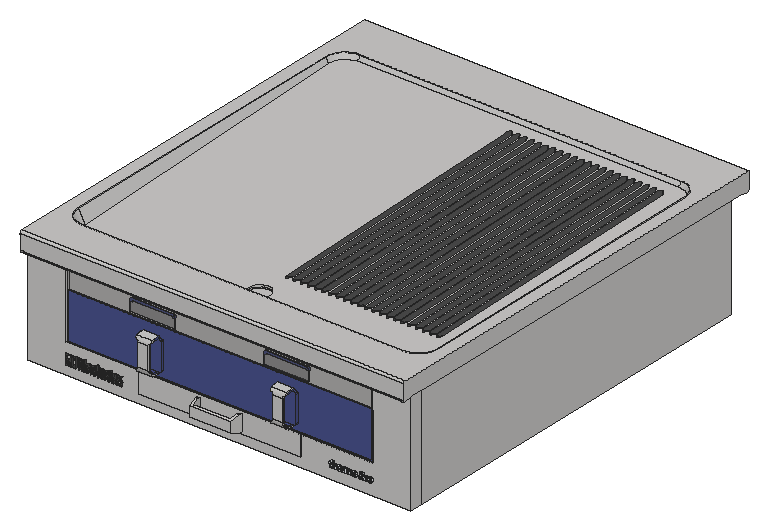
Revit family "QF_ELECTROLUXPROFESSIONAL_589832_MCHOAAHODM", category Attrezzature speciali, Revit 2020
Family settings
  Quota connettore circolare = Usa diametro
  Tipo di parte = Normale
  Basato su piano di lavoro = No
  Sempre verticale = Sì
  Taglio con vuoti quando caricato = No
  Condiviso = No
  Punto di calcolo locali = No
Parameters (values of type "Standard")
  Weight = 120.00 kg
  Watts = 15300 W
  Volts = 440 V
  URL Manufacturer = "https://www.electroluxprofessional.com/"
  URL = "https://www.electroluxprofessional.com/"
  Steam Supply Size = 0"
  Steam Supply Minimum Pressure = 0.00 psi
  Steam Supply Maximum Pressure = 0.00 psi
  Steam Consumption per Hour = 0
  Refrigeration Suction Line Size = 0 mm
  Refrigeration Liquid Line Size = 0 mm
  Refrigerant Compressor Remote = yes
  Prospetto di default = 0 mm
  Phase = 3
  Modello = "MCHOAAHODM"
  Produttore = "Electrolux Professional"
  Length Actual = 800 mm  # constant formula
  Item Number = "589832"
  Hot Water Size = 0"
  Height Actual = 250 mm  # constant formula
  HP = "20.5 HP"
  Gas Size = 0"
  Gas KW = 0
  Gas Input Pressure = 0.0 Btu/h
  Direct Waste Size = 0"
  Descrizione = "FRYTOP,MXD,2Z,1S,800X900X250H MARINE"
  Depth Actual = 900 mm  # constant formula
  Cycle = 50 Hz
  Condensate Return Size = 0"
  Compressed Air Volume = 0 GPM
  Compressed Air Size = 0"
  Compressed Air Pressure = 0.00 psi
  Cold Water Size = 0"
  Accessory = yes
Reference planes
  plane 1 "BACK": y = 0
  plane 2: z = 0
  plane 3 "LEFT": x = 0
  plane 4 "RIGHT": x = 800
  plane 5 "FRONT": y = -900
  plane 6 "TOP": z = 900
  plane 7 "Center (Left/Right)": x = 400
  plane 8 "Center (Front/Back)": y = -425
  plane 9: y = -150
  plane 10: y = -65
  plane 11: y = -840
  plane 12 "EIY": y = -685
  plane 13: z = 938
  plane 14 "BaseTop": z = 650
  plane 15: y = -855
  plane 16 "Camino": y = -50
  plane 17 "EIx": x = 755
  plane 18: z = 1131
  plane 19 "PlaneRibbed": through (-6096, -65, 890) normal (0, -0.0251, 0.9997)
  plane 20 "Base": z = 200
Forms (mm)
  Extrusion 1, solid, material "QF_Finishes_Stainless Steel"
    sketch origin (-178.969, -4572, 100) x (-1, 0, 0) y (0, -1, 0)
      loop
        line (-178.969, -4527) -> (-178.969, -3717) -> (-978.969, -3717) -> (-978.969, -4527) -> (-178.969, -4527)
    from 550 to 762.969
  Extrusion 2, solid, material "QF_Finishes_Stainless Steel"
    sketch origin (400, 296.4, 1219.2) x (0, 1, 0) y (0, 0, 1)
      loop
        line (-296.4, -319.2) -> (-1191.4, -319.2)
        arc (-1191.4, -319.2) -> (-1194.935, -320.664) -> (-1196.4, -324.2) r 5
        line (-1196.4, -324.2) -> (-1196.4, -355.2)
        arc (-1196.4, -355.2) -> (-1194.971, -358.264) -> (-1191.705, -359.139) r 4
        line (-1191.705, -359.139) -> (-1176.4, -356.231) -> (-316.4, -356.231) -> (-301.094, -359.139)
        arc (-301.094, -359.139) -> (-297.829, -358.264) -> (-296.4, -355.2) r 4
        line (-296.4, -355.2) -> (-296.4, -319.2)
    from -400 to 400
  Extrusion 3, void
    sketch origin (0, -30, 900) x (-1, 0, 0) y (0, -1, 0)
      loop
        arc (-65, 65) -> (-36.716, 76.716) -> (-25, 105) r 40
        line (-25, 105) -> (-25, 750)
        arc (-25, 750) -> (-36.716, 778.284) -> (-65, 790) r 40
        line (-65, 790) -> (-735, 790)
        arc (-735, 790) -> (-763.284, 778.284) -> (-775, 750) r 40
        line (-775, 750) -> (-775, 105)
        arc (-775, 105) -> (-763.284, 76.716) -> (-735, 65) r 40
        line (-735, 65) -> (-65, 65)
    from 0 to -30
  Extrusion 4, solid, material "QF_Finishes_Stainless Steel"
    sketch origin (0, 0, 650) x (-1, 0, 0) y (0, -1, 0)
      loop
        circle (-755, 685) r 10.1
    from 0 to -10
  Sweep 5, solid, material "QF_Finishes_Stainless Steel"
    path origin (0, -30, 900) x (-1, 0, 0) y (0, -1, 0)
      loop
        line (-25, 105) -> (-25, 750)
        arc (-25, 750) -> (-36.716, 778.284) -> (-65, 790) r 40
        line (-65, 790) -> (-735, 790)
        arc (-735, 790) -> (-763.284, 778.284) -> (-775, 750) r 40
        line (-775, 750) -> (-775, 105)
        arc (-775, 105) -> (-763.284, 76.716) -> (-735, 65) r 40
        line (-735, 65) -> (-65, 65)
        arc (-65, 65) -> (-36.716, 76.716) -> (-25, 105) r 40
    profile origin (25, -457.5, 900) x (1, 0, 0) y (0, 0, 1)
      loop
        line (0, 0) -> (0, -30) -> (15, -30) -> (0, 0)
  Extrusion 6, void
    sketch origin (305.009, -30, 900) x (-1, 0, 0) y (0, -1, 0)
      loop
        circle (-94.991, 746) r 22.248
    from -32.282 to 0
  Extrusion 7, solid, material "QF_Finishes_Stainless Steel"
    sketch origin (400, 266.4, 1219.2) x (0, 1, 0) y (0, 0, 1)
      loop
        line (-1086.4, -349.2) -> (-361.4, -349.2) -> (-361.4, -329.2) -> (-1086.4, -347.399) -> (-1086.4, -349.2)
    from -375 to 375
  Extrusion 8, void
    sketch origin (290.252, -10, 900) x (-1, 0, 0) y (0, -1, 0)
      loop
        circle (-109.748, 765.667) r 22.248
    from -32.282 to 0
Cuts and joins
  Extrusion 3, Extrusion 6, Extrusion 8 cuts Extrusion 2
  Extrusion 8 cuts Sweep 5
  Extrusion 8 cuts Extrusion 7
  joined: Sweep 5, Extrusion 7
Lines and regions (mm)
  symbolic lines
    curve 1: line (0, 0, 100) -> (800, 0, 100)
    curve 2: line (0, -900, 100) -> (0, 0, 100)
    curve 3: line (800, -900, 100) -> (0, -900, 100)
    curve 4: line (800, 0, 100) -> (800, -900, 100)
    curve 5: line (734.029, -95, 0) -> (65.29, -95, 0)
    curve 6: line (65.29, -820, 0) -> (734.029, -820, 0)
    curve 7: line (65, -110, 900) -> (735, -110, 900)
    curve 8: line (735, -805, 900) -> (65, -805, 900)
    curve 9: arc (760, -780, 900) -> (752.678, -797.678, 900) -> (735, -805, 900) r 25
    curve 10: line (760, -135, 900) -> (760, -780, 900)
    curve 11: arc (735, -110, 900) -> (752.678, -117.322, 900) -> (760, -135, 900) r 25
    curve 12: circle (400, -776, 900) r 22.248 normal (0, 0, 1)
    curve 13: arc (90.5, -115.483, 900) -> (62.314, -127.096, 900) -> (50.5, -155.198, 900) r 39.994
    curve 14: line (90.5, -115.482, 900) -> (710.5, -115.482, 900)
    curve 15: line (50.5, -692.082, 900) -> (50.5, -155.198, 900)
    curve 16: arc (50.5, -692.082, 900) -> (62.314, -720.184, 900) -> (90.5, -731.797, 900) r 39.994
    curve 17: line (710.5, -731.798, 900) -> (90.5, -731.798, 900)
    curve 18: line (40.29, -738.526, 900) -> (760, -738.526, 900)
    curve 19: line (40.29, -748.526, 900) -> (760, -748.526, 900)
    curve 20: arc (65, -95, 900) -> (36.716, -106.716, 900) -> (25, -135, 900) r 40
    curve 21: line (25, -135, 900) -> (25, -780, 900)
    curve 22: arc (25, -780, 900) -> (36.716, -808.284, 900) -> (65, -820, 900) r 40
    curve 23: arc (735, -820, 900) -> (763.284, -808.284, 900) -> (775, -780, 900) r 40
    curve 24: line (775, -780, 900) -> (775, -135, 900)
    curve 25: arc (775, -135, 900) -> (763.284, -106.716, 900) -> (735, -95, 900) r 40
    curve 26: arc (709.5, -115.483, 900) -> (737.686, -127.096, 900) -> (749.5, -155.198, 900) r 39.994
    curve 27: line (749.5, -692.082, 900) -> (749.5, -155.198, 900)
    curve 28: arc (749.5, -692.082, 900) -> (737.686, -720.184, 900) -> (709.5, -731.797, 900) r 39.994
    curve 29: arc (65, -805, 900) -> (47.322, -797.678, 900) -> (40, -780, 900) r 25
    curve 30: line (40, -780, 900) -> (40, -135, 900)
    curve 31: arc (40, -135, 900) -> (47.322, -117.322, 900) -> (65, -110, 900) r 25
Dimensions and locks
  plane 3 "LEFT" to plane 4 "RIGHT" = 800 mm
  plane 5 "FRONT" to plane 1 "BACK" = 900 mm
  plane 3 "LEFT" to plane 7 "Center (Left/Right)" to plane 4 "RIGHT" = 400 mm, 400 mm
  plane 5 "FRONT" to plane 8 "Center (Front/Back)" to plane 1 "BACK" = 475 mm, 425 mm
  plane 6 "TOP" to level = 900 mm  (x2)
  plane 1 "BACK" to plane 9 = 150 mm
  plane 12 "EIY" to plane 1 "BACK" = 685 mm
  plane 13 to plane 6 "TOP" = 38 mm
  plane 10 to plane 1 "BACK" = 65 mm
  plane 5 "FRONT" to plane 11 = 60 mm
  locked: plane 6 "TOP" to plane 14 "BaseTop" at 250
  locked: plane 15 to plane 5 "FRONT" at 45
  plane 16 "Camino" to plane 1 "BACK" = 50 mm
  plane 17 "EIx" to plane 4 "RIGHT" = 45 mm
  plane 18 to plane 6 "TOP" = 231 mm
  plane 20 "Base" to level = 200 mm
  aligned and locked: level to plane 2
  aligned and locked: cut or joined group of Extrusion 2, Extrusion 3, Extrusion 6, Extrusion 8 to plane 3 "LEFT"
  aligned and locked: cut or joined group of Extrusion 2, Extrusion 3, Extrusion 6, Extrusion 8 to plane 4 "RIGHT"
  aligned and locked: nested 1 to plane 15
  aligned and locked: Extrusion 1 to plane 15
  aligned and locked: plane 3 "LEFT" to nested 1
Nested families
  nested 1: "Front_Panel_W800_Two Knobs" at (202.376, -855, 0), type "Front_Panel_W800_Two Knobs"
  nested 2: "Rib_D12" at (662.5, -409.667, 882.101) x (-1, 0, 0) z (0, -0.0251, 0.9997), type "Rib_D12"
    with Show Clearance yes, Lenght 588 mm
  nested 3: "Rib_D12" at (647.5, -409.667, 882.101) x (-1, 0, 0) z (0, -0.0251, 0.9997), type "Rib_D12"
    with Show Clearance yes, Lenght 588 mm
  nested 4: "Rib_D12" at (632.5, -409.667, 882.101) x (-1, 0, 0) z (0, -0.0251, 0.9997), type "Rib_D12"
    with Show Clearance yes, Lenght 588 mm
  nested 5: "Rib_D12" at (617.5, -409.667, 882.101) x (-1, 0, 0) z (0, -0.0251, 0.9997), type "Rib_D12"
    with Show Clearance yes, Lenght 588 mm
  nested 6: "Rib_D12" at (602.5, -409.667, 882.101) x (-1, 0, 0) z (0, -0.0251, 0.9997), type "Rib_D12"
    with Show Clearance yes, Lenght 588 mm
  nested 7: "Rib_D12" at (587.5, -409.667, 882.101) x (-1, 0, 0) z (0, -0.0251, 0.9997), type "Rib_D12"
    with Show Clearance yes, Lenght 588 mm
  nested 8: "Rib_D12" at (572.5, -409.667, 882.101) x (-1, 0, 0) z (0, -0.0251, 0.9997), type "Rib_D12"
    with Show Clearance yes, Lenght 588 mm
  nested 9: "Rib_D12" at (557.5, -409.667, 882.101) x (-1, 0, 0) z (0, -0.0251, 0.9997), type "Rib_D12"
    with Show Clearance yes, Lenght 588 mm
  nested 10: "Rib_D12" at (542.5, -409.667, 882.101) x (-1, 0, 0) z (0, -0.0251, 0.9997), type "Rib_D12"
    with Show Clearance yes, Lenght 588 mm
  nested 11: "Rib_D12" at (527.5, -409.667, 882.101) x (-1, 0, 0) z (0, -0.0251, 0.9997), type "Rib_D12"
    with Show Clearance yes, Lenght 588 mm
  nested 12: "Rib_D12" at (512.5, -409.667, 882.101) x (-1, 0, 0) z (0, -0.0251, 0.9997), type "Rib_D12"
    with Show Clearance yes, Lenght 588 mm
  nested 13: "Rib_D12" at (497.5, -409.667, 882.101) x (-1, 0, 0) z (0, -0.0251, 0.9997), type "Rib_D12"
    with Show Clearance yes, Lenght 588 mm
  nested 14: "Rib_D12" at (722.5, -409.667, 882.101) x (-1, 0, 0) z (0, -0.0251, 0.9997), type "Rib_D12"
    with Show Clearance yes, Lenght 588 mm
  nested 15: "Rib_D12" at (707.5, -409.667, 882.101) x (-1, 0, 0) z (0, -0.0251, 0.9997), type "Rib_D12"
    with Show Clearance yes, Lenght 588 mm
  nested 16: "Rib_D12" at (692.5, -409.667, 882.101) x (-1, 0, 0) z (0, -0.0251, 0.9997), type "Rib_D12"
    with Show Clearance yes, Lenght 588 mm
  nested 17: "Rib_D12" at (677.5, -409.667, 882.101) x (-1, 0, 0) z (0, -0.0251, 0.9997), type "Rib_D12"
    with Show Clearance yes, Lenght 588 mm
  nested 18: "Rib_D12" at (482.5, -409.667, 882.101) x (-1, 0, 0) z (0, -0.0251, 0.9997), type "Rib_D12"
    with Show Clearance yes, Lenght 588 mm
  nested 19: "Rib_D12" at (467.5, -409.667, 882.101) x (-1, 0, 0) z (0, -0.0251, 0.9997), type "Rib_D12"
    with Show Clearance yes, Lenght 588 mm
  nested 20: "Rib_D12" at (452.5, -409.667, 882.101) x (-1, 0, 0) z (0, -0.0251, 0.9997), type "Rib_D12"
    with Show Clearance yes, Lenght 588 mm
  nested 21: "Rib_D12" at (437.5, -409.667, 882.101) x (-1, 0, 0) z (0, -0.0251, 0.9997), type "Rib_D12"
    with Show Clearance yes, Lenght 588 mm
  nested 22: "Rib_D12" at (422.5, -409.667, 882.101) x (-1, 0, 0) z (0, -0.0251, 0.9997), type "Rib_D12"
    with Show Clearance yes, Lenght 588 mm
  nested 23: "Rib_D12" at (407.5, -409.667, 882.101) x (-1, 0, 0) z (0, -0.0251, 0.9997), type "Rib_D12"
    with Show Clearance yes, Lenght 588 mm
Connectors
  electrical at (755, -685, 640), driven by "Volts"
    settings: on Extrusion 4, index 1, voltage 440 V, apparent load 0 VA, apparent load phase1 0 VA, apparent load phase2 0 VA, apparent load phase3 0 VA, power factor 1, load classification "Other", number of poles 1, system type 30, power factor state 1, is connector primary yes, connector utility no, sub classification motor no, connector description "Electrical Connection"
Definition of nested family "Front_Panel_W800_Two Knobs"
  Parameters
    Default Elevation = 0 mm
  Reference planes
    plane 1 "Center (Front/Back)": y = 0
    plane 2: z = 0
    plane 3 "Center (Left/Right)": x = 197.624
    plane 4 "Left": x = -202.376
    plane 5 "Right": x = 597.624
    plane 6: y = -45
    plane 7: x = 127.624
    plane 8: y = -310
    plane 9: x = 57.624
    plane 10: x = 337.624
    plane 11: x = 517.624
    plane 12: x = -122.376
    plane 13 "Panel": y = -25
  Forms (mm)
    Extrusion 1, solid
      sketch origin (833.217, 829.203, -1.25) x (0, 1, 0) y (0, 0, 1)
        loop
          line (-854.203, 651.25) -> (-829.203, 651.25) -> (-829.203, 864.25) -> (-854.203, 864.25) -> (-854.203, 651.25)
      from -1035.593 to -235.593
    Extrusion 2, void
      sketch origin (0, 0, 0) x (1, 0, 0) y (0, 0, 1)
        loop
          line (-122.376, 853.866) -> (-122.376, 711.866) -> (517.624, 711.866) -> (517.624, 853.866) -> (-122.376, 853.866)
      from 19.387 to 33.951
    Extrusion 3, solid
      sketch origin (50, 0, 1) x (1, 0, 0) y (0, 0, 1)
        loop
          line (-21.376, 710.866) -> (-21.376, 667.866) -> (316.624, 667.866) -> (316.624, 710.866) -> (-21.376, 710.866)
      from 19.387 to 25
    Extrusion 4, solid
      sketch origin (50, 0, 1) x (1, 0, 0) y (0, 1, 0)
        loop
          line (106.059, -25) -> (100.966, -25) -> (105.646, -49.075) -> (189.603, -49.075) -> (194.283, -25) -> (189.189, -25) -> (185.481, -44.075) -> (109.767, -44.075) -> (106.059, -25)
      from 672.593 to 705.67
    Extrusion 5, void
      sketch origin (197.624, 0, 1) x (0, 1, 0) y (0, 0, 1)
        loop
          line (-30, 705.67) -> (-30, 710.67) -> (-56.744, 710.67) -> (-56.744, 667.593) -> (-30, 667.593) -> (-30, 672.593) -> (-53.776, 680.318) -> (-53.776, 697.945) -> (-30, 705.67)
      from -50 to 50
    Extrusion 6, solid, detail levels coarse
      sketch origin (50, -265, 1) x (1, 0, 0) y (0, 1, 0)
        loop
          line (106.164, -71.744) -> (189.084, -71.744) -> (194.283, -45) -> (316.624, -45) -> (316.624, 240) -> (-21.376, 240) -> (-21.376, -45) -> (100.966, -45) -> (106.164, -71.744)
      from 672.593 to 705.67
    Extrusion 7, void
      sketch origin (197.624, -280, 1) x (0, 1, 0) y (0, 0, 1)
        loop
          line (-30, 705.67) -> (-30, 710.67) -> (-56.744, 710.67) -> (-56.744, 667.593) -> (-30, 667.593) -> (-30, 672.593) -> (-53.776, 680.318) -> (-53.776, 697.945) -> (-30, 705.67)
      from -50 to 50
  Cuts and joins
    Extrusion 2 cuts Extrusion 1
    Extrusion 5 cuts Extrusion 4
    Extrusion 5, Extrusion 7 cuts Extrusion 6
  Lines and regions (mm)
    symbolic lines
      curve 1: line (28.624, -45, 0) -> (28.624, -310, 0)
      curve 2: line (28.624, -310, 0) -> (366.624, -310, 0)
      curve 3: line (366.624, -310, 0) -> (366.624, -45, 0)
      curve 4: line (28.624, -300, 0) -> (366.624, -300, 0)
      curve 5: line (150.908, -309.701, 0) -> (155.587, -333.776, 0)
      curve 6: line (155.587, -333.776, 0) -> (239.545, -333.776, 0)
      curve 7: line (239.545, -333.776, 0) -> (244.225, -309.701, 0)
      curve 8: line (155.816, -308.747, 0) -> (159.709, -328.776, 0)
      curve 9: line (159.709, -328.776, 0) -> (235.423, -328.776, 0)
      curve 10: line (235.423, -328.776, 0) -> (239.316, -308.747, 0)
  Dimensions and locks
    equal spacing: plane 5 "Right", plane 3 "Center (Left/Right)", plane 4 "Left"
    plane 5 "Right" to plane 4 "Left" = 800 mm
    plane 3 "Center (Left/Right)" to plane 7 = 70 mm
    plane 6 to plane 8 = 265 mm
    plane 10 to plane 3 "Center (Left/Right)" = 140 mm
    plane 3 "Center (Left/Right)" to plane 9 = 140 mm
    aligned and locked: cut or joined group of Extrusion 1, Extrusion 2 to plane 4 "Left"
    aligned and locked: plane 5 "Right" to cut or joined group of Extrusion 1, Extrusion 2
    aligned and locked: plane 3 "Center (Left/Right)" to nested 1
    aligned and locked: cut or joined group of Extrusion 1, Extrusion 2 to nested 1
    aligned and locked: nested 5 to plane 12
  Automatic sketch dimensions
    Extrusion 1 sketch curve to plane 1 "Center (Front/Back)" = 0 mm
    level to Extrusion 1 sketch curve = 650 mm
    plane 4 "Left" to Extrusion 2 sketch curve = 80 mm
    Extrusion 2 sketch curve to plane 5 "Right" = 80 mm
    level to Extrusion 2 sketch curve = 711.866 mm
    Extrusion 2 sketch curve to Extrusion 2 sketch curve = 142 mm
    plane 6 to curve 1 = 0 mm
    plane 6 to curve 3 = 0 mm
    plane 8 to curve 1 = 0 mm
    curve 1 to curve 4 = 10 mm
    Extrusion 1 sketch curve to plane 6 = 20 mm
    Extrusion 1 sketch curve to Extrusion 1 sketch curve = 213 mm
    curve 2 to plane 7 = 99 mm
    Extrusion 3 sketch curve to plane 9 = 29 mm
    plane 10 to Extrusion 3 sketch curve = 29 mm
    level to Extrusion 3 sketch curve = 668.866 mm
    Extrusion 3 sketch curve to Extrusion 3 sketch curve = 43 mm
    plane 13 "Panel" to Extrusion 4 sketch curve = 0 mm  (x2)
    plane 7 to Extrusion 4 sketch curve = 23.342 mm
    plane 6 to Extrusion 4 sketch curve = 4.075 mm
    Extrusion 4 sketch curve to Extrusion 4 sketch curve = 4.68 mm
    Extrusion 4 sketch curve to Extrusion 4 sketch curve = 5.094 mm  (x2)
    Extrusion 4 sketch curve to plane 6 = 0.925 mm
    Extrusion 4 sketch curve to Extrusion 4 sketch curve = 4.122 mm  (x2)
    plane 3 "Center (Left/Right)" to Extrusion 4 sketch curve = 37.857 mm
    Extrusion 4 sketch curve to Extrusion 4 sketch curve = 3.708 mm
    plane 6 to Extrusion 5 sketch curve = 11.744 mm
    plane 6 to Extrusion 5 sketch curve = 8.776 mm
    plane 13 "Panel" to Extrusion 5 sketch curve = 5 mm  (x2)
    level to Extrusion 5 sketch curve = 668.593 mm
    Extrusion 5 sketch curve to Extrusion 5 sketch curve = 5 mm
    Extrusion 5 sketch curve to Extrusion 5 sketch curve = 12.725 mm  (x2)
    Extrusion 5 sketch curve to Extrusion 5 sketch curve = 17.627 mm
    Extrusion 5 sketch curve to Extrusion 5 sketch curve = 7.725 mm
    plane 13 "Panel" to Extrusion 6 sketch curve = 0 mm
    Extrusion 6 sketch curve to plane 8 = 0 mm  (x2)
    Extrusion 6 sketch curve to plane 9 = 29 mm
    plane 7 to Extrusion 6 sketch curve = 23.342 mm
    Extrusion 6 sketch curve to Extrusion 6 sketch curve = 5.199 mm  (x2)
    plane 3 "Center (Left/Right)" to Extrusion 6 sketch curve = 41.46 mm
    plane 10 to Extrusion 6 sketch curve = 29 mm
    Extrusion 6 sketch curve to plane 8 = 26.744 mm
    Extrusion 7 sketch curve to plane 8 = 0 mm  (x2)
    Extrusion 7 sketch curve to plane 8 = 23.776 mm
    Extrusion 7 sketch curve to Extrusion 7 sketch curve = 2.968 mm
    level to Extrusion 7 sketch curve = 668.593 mm
    Extrusion 7 sketch curve to Extrusion 7 sketch curve = 5 mm
    Extrusion 7 sketch curve to Extrusion 7 sketch curve = 12.725 mm  (x2)
    Extrusion 7 sketch curve to Extrusion 7 sketch curve = 17.627 mm
    Extrusion 7 sketch curve to Extrusion 7 sketch curve = 7.725 mm
    plane 10 to curve 3 = 29 mm
    plane 8 to curve 5 = 0.299 mm
    plane 7 to curve 5 = 23.283 mm
    curve 5 to curve 5 = 4.68 mm
    plane 8 to curve 8 = 1.253 mm
    curve 5 to curve 8 = 4.908 mm
    curve 5 to curve 9 = 4.122 mm
    plane 3 "Center (Left/Right)" to curve 9 = 37.799 mm
    curve 10 to plane 8 = 18.776 mm
    plane 8 to curve 10 = 1.253 mm
    curve 9 to curve 10 = 3.893 mm
    curve 9 to curve 7 = 4.122 mm
    plane 8 to curve 7 = 0.299 mm
    curve 10 to curve 7 = 4.908 mm
    curve 6 to curve 8 = 5 mm
  Nested families
    nested 1: "Front glass control panel W800_Two" at (197.624, 280.644, 2.752), type "Front glass control panel W800_Two"
    nested 2: "Range Control Handle" at (57.851, -28.137, -209.113) x (-1, 0, 0) z (0, 0, 1), type "Range Control Handle"
    nested 3: "Range Control Handle" at (337.624, -28.137, -209.113), type "Range Control Handle"
    nested 4: "ELX_ThermaLine_Small" at (469.031, -25, 679.402) x (1, 0, 0) z (0, -1, 0), type "ELX_ThermaLine_Small"
      with Show Logo yes, Material_Logo none
    nested 5: "ELX_Professional_Logo_Small" at (-62.89, -25, 681.634) x (1, 0, 0) z (0, -1, 0), type "ELX_Professional_Logo_Small"
      with Show Logo yes, Material_Logo none
  Definition of nested family "Front glass control panel W800_Two"
    Parameters
      Default Elevation = 0 mm
    Reference planes
      plane 1 "Center (Front/Back)": y = 0
      plane 2: z = 0
      plane 3 "Center (Left/Right)": x = 0
      plane 4: x = -140
      plane 5: x = 140
    Forms (mm)
      Extrusion 1, solid
        sketch origin (378.286, 0, 0.617) x (1, 0, 0) y (0, 0, 1)
          loop
            line (-698.286, 806.791) -> (-698.286, 708.497) -> (-58.286, 708.497) -> (-58.286, 806.791) -> (-698.286, 806.791)
        from 300.031 to 304.8
      Extrusion 2, solid
        sketch origin (378.286, 0, 0.617) x (1, 0, 0) y (0, 0, 1)
          loop
            line (-698.286, 850.497) -> (-698.286, 806.791) -> (-58.286, 806.791) -> (-58.286, 850.497) -> (-698.286, 850.497)
        from 300.031 to 304.8
      Extrusion 3, void
        sketch origin (378.286, 0, 0.617) x (1, 0, 0) y (0, 0, 1)
          loop
            line (-695.628, 847.565) -> (-695.628, 710.699) -> (-61.196, 710.699) -> (-61.196, 847.565) -> (-695.628, 847.565)
        from 303.697 to 304.8
      Extrusion 4, solid
        sketch origin (-448.309, 1.101, -0.633) x (-1, 0, 0) y (0, 0, -1)
          loop
            line (-261.431, -812.62) -> (-355.186, -812.62) -> (-355.186, -834.177) -> (-350.269, -834.177) -> (-348.469, -835.977) -> (-268.039, -835.977) -> (-266.24, -834.177) -> (-261.431, -834.177) -> (-261.431, -812.62)
        from 304.798 to 306.745
      Extrusion 5, solid
        sketch origin (-448.309, 1.101, -0.633) x (-1, 0, 0) y (0, 0, -1)
          loop
            line (-350.269, -834.177) -> (-355.078, -834.177)
            arc (-355.078, -834.177) -> (-353.942, -838.747) -> (-349.686, -840.763) r 5.5
            line (-349.686, -840.763) -> (-266.98, -840.763)
            arc (-266.98, -840.763) -> (-262.706, -838.752) -> (-261.529, -834.177) r 5.549
            line (-261.529, -834.177) -> (-266.24, -834.177) -> (-268.039, -835.977) -> (-348.469, -835.977) -> (-350.269, -834.177)
        from 304.798 to 306.745
      Extrusion 6, solid
        sketch origin (448.309, 1.101, -0.633) x (1, 0, 0) y (0, 0, 1)
          loop
            line (-261.431, 812.62) -> (-261.431, 834.177) -> (-266.24, 834.177) -> (-268.039, 835.977) -> (-348.469, 835.977) -> (-350.269, 834.177) -> (-355.186, 834.177) -> (-355.186, 812.62) -> (-261.431, 812.62)
        from 304.798 to 306.745
      Extrusion 7, solid
        sketch origin (448.309, 1.101, -0.633) x (1, 0, 0) y (0, 0, 1)
          loop
            line (-350.269, 834.177) -> (-348.469, 835.977) -> (-268.039, 835.977) -> (-266.24, 834.177) -> (-261.529, 834.177)
            arc (-261.529, 834.177) -> (-262.706, 838.752) -> (-266.98, 840.763) r 5.549
            line (-266.98, 840.763) -> (-349.686, 840.763)
            arc (-349.686, 840.763) -> (-353.942, 838.747) -> (-355.078, 834.177) r 5.5
            line (-355.078, 834.177) -> (-350.269, 834.177)
        from 304.798 to 306.745
    Cuts and joins
      Extrusion 3 cuts Extrusion 1
      Extrusion 3 cuts Extrusion 2
    Dimensions and locks
      plane 3 "Center (Left/Right)" to plane 4 = 140 mm
      plane 5 to plane 3 "Center (Left/Right)" = 140 mm
      aligned and locked: Extrusion 1 to Extrusion 2
      aligned and locked: Extrusion 5 sketch curve to Extrusion 4  (x5)
      aligned and locked: Extrusion 5 to Extrusion 4
      aligned and locked: Extrusion 7 sketch curve to Extrusion 6  (x4)
      aligned and locked: Extrusion 6 to Extrusion 7 sketch curve
      aligned and locked: Extrusion 7 to Extrusion 6
  Definition of nested family "Range Control Handle"
    Parameters
      Default Elevation = 0 mm
    Reference planes
      plane 1 "Center (Front/Back)": y = 0
      plane 2: z = 0
      plane 3 "Center (Left/Right)": x = 0
      plane 4: z = 971.092
      plane 5: y = -16.9
    Forms (mm)
      Extrusion 1, solid
        sketch origin (-746.28, 380.497, 208.931) x (-1, 0, 0) y (0, 0, 1)
          loop
            line (-770.101, 786.798) -> (-770.101, 731.649)
            arc (-770.101, 731.649) -> (-769.759, 730.563) -> (-768.855, 729.87) r 1.893
            line (-768.855, 729.87) -> (-763.474, 727.911) -> (-729.81, 727.911) -> (-724.428, 729.87)
            arc (-724.428, 729.87) -> (-723.525, 730.563) -> (-723.183, 731.649) r 1.893
            line (-723.183, 731.649) -> (-723.183, 786.798)
            arc (-723.183, 786.798) -> (-723.529, 787.894) -> (-724.44, 788.593) r 1.91
            line (-724.44, 788.593) -> (-729.683, 790.819) -> (-763.601, 790.819) -> (-768.844, 788.593)
            arc (-768.844, 788.593) -> (-769.755, 787.894) -> (-770.101, 786.798) r 1.91
        from -382.35 to -378.852
      Sweep 2, solid
        path origin (-746.788, 380.496, 208.091) x (0, -1, 0) y (0, 0, 1)
          loop
            line (379.775, 793.281) -> (395.661, 791.048)
            arc (395.661, 791.048) -> (397.781, 787.377) -> (398.517, 783.202) r 12.207
            line (398.517, 783.202) -> (398.517, 737.368)
            arc (398.517, 737.368) -> (397.781, 733.193) -> (395.661, 729.522) r 12.207
            line (395.661, 729.522) -> (379.775, 727.289)
        profile origin (-746.788, -7.222, 1000.256) x (0, -0.139173, 0.990268) y (-1, 0, 0)
          loop
            line (0.782, -763.123) -> (0.782, -730.907) -> (-1.322, -730.907) -> (-1.322, -763.123) -> (0.782, -763.123)
      Sweep 3, solid
        path origin (-746.788, 380.715, 207.832) x (0, -1, 0) y (0, 0, 1)
          loop
            line (380.478, 795.442) -> (397.218, 793.09)
            arc (397.218, 793.09) -> (399.929, 788.473) -> (400.871, 783.202) r 15.207
            line (400.871, 783.202) -> (400.871, 737.584)
            arc (400.871, 737.584) -> (399.914, 732.274) -> (397.164, 727.633) r 15.207
            line (397.164, 727.633) -> (380.601, 725.305)
        profile origin (-746.788, -8.132, 1002.099) x (0, -0.139173, 0.990268) y (-1, 0, 0)
          loop
            line (0.782, -763.123) -> (0.782, -730.907) -> (-1.322, -730.907) -> (-1.322, -763.123) -> (0.782, -763.123)
      Extrusion 4, void
        sketch origin (889.253, 220.666, 207.993) x (1, 0, 0) y (0, 0, 1)
          loop
            line (-943.038, 816.854) -> (-943.038, 703.686) -> (-899.466, 734.196) -> (-899.466, 786.344) -> (-943.038, 816.854)
        from 230.636 to 242.25
      Extrusion 5, void
        sketch origin (-888.8, 220.666, 207.993) x (-1, 0, 0) y (0, 0, -1)
          loop
            line (-943.038, -816.854) -> (-899.466, -786.344) -> (-899.466, -734.196) -> (-943.038, -703.686) -> (-943.038, -816.854)
        from 230.636 to 242.25
      Extrusion 6, solid
        sketch origin (0, 0, 0) x (1, 0, 0) y (0, 0, 1)
          loop
            circle (0, 971.092) r 7.736
        from -3.137 to -1.645
    Cuts and joins
      Extrusion 4, Extrusion 5 cuts Sweep 3
      Extrusion 4, Extrusion 5 cuts Sweep 2
      joined: Extrusion 1, Extrusion 6
    Lines and regions (mm)
      symbolic lines
        curve 1: line (16.334, -16.9, 0) -> (16.334, -19.227, 0)
        curve 2: spline (16.334, -19.227, 0) -> (15.87, -19.385, 0) -> (15.404, -19.536, 0) -> (14.936, -19.678, 0) -> (14.466, -19.813, 0) -> (13.995, -19.94, 0) -> (13.523, -20.059, 0) -> (13.049, -20.171, 0) -> (12.575, -20.274, 0) -> (12.099, -20.37, 0) -> (11.622, -20.458, 0) -> (11.144, -20.537, 0) -> (10.666, -20.609, 0)
        curve 3: line (10.666, -16.9, 0) -> (10.666, -20.938, 0)
        curve 4: line (-10.213, -20.938, 0) -> (10.666, -20.938, 0)
        curve 5: line (-10.213, -20.938, 0) -> (-10.213, -16.9, 0)
        curve 6: spline (-10.213, -20.609, 0) -> (-10.691, -20.537, 0) -> (-11.169, -20.458, 0) -> (-11.646, -20.37, 0) -> (-12.122, -20.274, 0) -> (-12.597, -20.171, 0) -> (-13.07, -20.059, 0) -> (-13.542, -19.94, 0) -> (-14.013, -19.813, 0) -> (-14.483, -19.678, 0) -> (-14.951, -19.536, 0) -> (-15.417, -19.385, 0) -> (-15.881, -19.227, 0)
        curve 7: line (-15.881, -19.227, 0) -> (-15.881, -16.9, 0)
  Definition of nested family "ELX_ThermaLine_Small"
    Parameters
      Show Logo [instance] = yes
      Material_Logo [instance] = none
      Default Elevation = 0 mm
    Reference planes
      plane 1 "Centro (Fronte/Retro)": y = 0
      plane 2: z = 0
      plane 3 "Centro (Sinistra/Destra)": x = 0
    Forms (mm)
      Extrusion 1, solid
        sketch origin (0, 0, 0) x (1, 0, 0) y (0, 1, 0)
          loop
            line (-1219.2, 1219.2) -> (-1219.2, -1219.2) -> (1219.2, -1219.2) -> (1219.2, 1219.2) -> (-1219.2, 1219.2)
        from 0 to -304.8
      Extrusion 2, solid
        sketch origin (0, 0, 0) x (1, 0, 0) y (0, 1, 0)
          loop
            line (-37.494, 1.229) -> (-35.908, 1.229) -> (-35.908, 3.066) -> (-37.494, 3.066) -> (-37.494, 6.221) -> (-39.867, 4.881) -> (-39.867, 3.066) -> (-40.969, 3.066) -> (-40.969, 1.229) -> (-39.867, 1.229) -> (-39.867, -3.407)
            arc (-39.867, -3.407) -> (-38.982, -5.513) -> (-36.751, -6.001) r 2.478
            line (-36.751, -6.001) -> (-35.638, -5.7) -> (-35.9, -3.835) -> (-36.661, -4.039)
            arc (-36.661, -4.039) -> (-37.236, -3.924) -> (-37.494, -3.399) r 0.662
            line (-37.494, -3.399) -> (-37.494, 1.229)
          loop
            line (-34.242, 6.539) -> (-34.242, -5.848) -> (-31.854, -5.848) -> (-31.854, -0.078)
            arc (-31.854, -0.078) -> (-30.939, 1.249) -> (-29.33, 1.367) r 1.866
            arc (-29.33, 1.367) -> (-28.695, 0.768) -> (-28.461, -0.073) r 1.627
            line (-28.461, -0.073) -> (-28.461, -5.848) -> (-26.086, -5.848) -> (-26.064, -0.46)
            arc (-26.064, -0.46) -> (-26.261, 0.932) -> (-26.786, 2.237) r 5.825
            arc (-26.786, 2.237) -> (-29.381, 3.264) -> (-31.854, 1.971) r 3.353
            line (-31.854, 1.971) -> (-31.854, 6.539) -> (-34.242, 6.539)
          loop
            arc (-18.398, -0.598) -> (-18.893, 0.879) -> (-20.326, 1.487) r 1.897
            arc (-20.326, 1.487) -> (-21.461, 0.708) -> (-21.897, -0.598) r 2.164
            line (-21.897, -0.598) -> (-18.398, -0.598)
          loop
            arc (-16.021, -2.044) -> (-16.754, 1.227) -> (-19.444, 3.226) r 4.814
            arc (-19.444, 3.226) -> (-22.137, 2.788) -> (-23.943, 0.743) r 4.054
            arc (-23.943, 0.743) -> (-24.382, -1.249) -> (-24.162, -3.276) r 6.289
            arc (-24.162, -3.276) -> (-23.302, -4.71) -> (-21.958, -5.705) r 4.28
            arc (-21.958, -5.705) -> (-18.558, -5.814) -> (-16.152, -3.409) r 4.28
            line (-16.152, -3.409) -> (-18.5, -2.995)
            arc (-18.5, -2.995) -> (-19.273, -3.994) -> (-20.533, -4.076) r 1.536
            arc (-20.533, -4.076) -> (-21.56, -3.281) -> (-21.958, -2.044) r 2.197
            line (-21.958, -2.044) -> (-16.021, -2.044)
          loop
            line (-14.165, -5.848) -> (-11.819, -5.848) -> (-11.819, -2.138)
            arc (-11.819, -2.138) -> (-11.787, -1.156) -> (-11.637, -0.185) r 8.18
            arc (-11.637, -0.185) -> (-10.644, 0.972) -> (-9.132, 0.776) r 1.603
            line (-9.132, 0.776) -> (-8.419, 2.846)
            arc (-8.419, 2.846) -> (-10.432, 3.118) -> (-11.994, 1.821) r 2.527
            line (-11.994, 1.821) -> (-11.994, 3.094) -> (-14.165, 3.094) -> (-14.165, -5.848)
          loop
            line (-7.579, 3.094) -> (-7.579, -5.848) -> (-5.178, -5.848) -> (-5.178, -0.756)
            arc (-5.178, -0.756) -> (-4.727, 0.679) -> (-3.417, 1.419) r 2.05
            arc (-3.417, 1.419) -> (-2.499, 0.908) -> (-2.155, -0.085) r 1.471
            line (-2.155, -0.085) -> (-2.155, -5.848) -> (0.23, -5.848) -> (0.23, -1.001)
            arc (0.23, -1.001) -> (0.47, 0.127) -> (1.148, 1.061) r 2.775
            arc (1.148, 1.061) -> (2.225, 1.329) -> (3.05, 0.587) r 1.182
            arc (3.05, 0.587) -> (3.199, -0.019) -> (3.214, -0.642) r 2.894
            line (3.214, -0.642) -> (3.214, -5.848) -> (5.601, -5.848) -> (5.601, 0.261)
            arc (5.601, 0.261) -> (4.87, 2.263) -> (2.976, 3.241) r 2.932
            arc (2.976, 3.241) -> (1.284, 2.973) -> (-0.047, 1.896) r 3.309
            arc (-0.047, 1.896) -> (-1.116, 2.865) -> (-2.506, 3.258) r 3.16
            arc (-2.506, 3.258) -> (-4.105, 2.942) -> (-5.376, 1.92) r 3.419
            line (-5.376, 1.92) -> (-5.376, 3.094) -> (-7.579, 3.094)
          loop
            line (7.583, 0.738) -> (9.702, 0.364)
            arc (9.702, 0.364) -> (11.441, 1.492) -> (12.855, -0.023) r 1.613
            line (12.855, -0.023) -> (9.782, -0.789)
            arc (9.782, -0.789) -> (8.559, -1.346) -> (7.617, -2.305) r 3.687
            arc (7.617, -2.305) -> (7.499, -3.681) -> (7.901, -5.003) r 3.651
            arc (7.901, -5.003) -> (9.107, -5.766) -> (10.515, -6.006) r 3.635
            arc (10.515, -6.006) -> (11.898, -5.697) -> (13.067, -4.895) r 3.734
            line (13.067, -4.895) -> (13.376, -5.848) -> (15.75, -5.848) -> (15.212, -4.193) -> (15.212, 0.38)
            arc (15.212, 0.38) -> (14.897, 1.849) -> (13.818, 2.895) r 2.585
            arc (13.818, 2.895) -> (11.792, 3.442) -> (9.719, 3.11) r 5.005
            arc (9.719, 3.11) -> (8.369, 2.178) -> (7.583, 0.738) r 3.54
          loop
            line (19.723, -5.848) -> (22.233, -5.848) -> (24.854, 6.484) -> (22.345, 6.484) -> (19.723, -5.848)
          loop
            line (24.583, -5.848) -> (26.953, -5.848) -> (28.848, 3.066) -> (26.478, 3.066) -> (24.583, -5.848)
          loop
            line (27.204, 6.484) -> (26.741, 4.305) -> (29.111, 4.305) -> (29.575, 6.484) -> (27.204, 6.484)
          loop
            line (29.355, -5.848) -> (31.849, -5.848) -> (33.098, 0.028)
            arc (33.098, 0.028) -> (34.169, 1.306) -> (35.832, 1.422) r 2.132
            arc (35.832, 1.422) -> (36.324, 0.752) -> (36.383, -0.078) r 1.5
            line (36.383, -0.078) -> (35.157, -5.848) -> (37.536, -5.848) -> (38.936, 0.738)
            arc (38.936, 0.738) -> (38.775, 2.091) -> (37.825, 3.066) r 2.118
            arc (37.825, 3.066) -> (35.392, 3.175) -> (33.295, 1.937) r 4.271
            line (33.295, 1.937) -> (33.535, 3.066) -> (31.25, 3.066) -> (29.355, -5.848)
          loop
            line (42.792, -0.64) -> (46.589, -0.64)
            arc (46.589, -0.64) -> (46.639, 0.124) -> (46.327, 0.823) r 1.589
            arc (46.327, 0.823) -> (45.117, 1.521) -> (43.762, 1.183) r 1.865
            arc (43.762, 1.183) -> (43.141, 0.344) -> (42.792, -0.64) r 3.538
          loop
            line (42.565, -2.138) -> (48.593, -2.138)
            arc (48.593, -2.138) -> (48.58, 0.597) -> (46.983, 2.818) r 4.494
            arc (46.983, 2.818) -> (44.191, 3.28) -> (41.725, 1.891) r 4.26
            arc (41.725, 1.891) -> (40.503, -0.3) -> (40.284, -2.799) r 6.003
            arc (40.284, -2.799) -> (40.959, -4.468) -> (42.377, -5.576) r 3.482
            arc (42.377, -5.576) -> (44.265, -5.961) -> (46.152, -5.576) r 4.823
            arc (46.152, -5.576) -> (47.432, -4.731) -> (48.328, -3.485) r 4.245
            line (48.328, -3.485) -> (46.168, -3.105)
            arc (46.168, -3.105) -> (45.214, -4.072) -> (43.859, -4.181) r 1.953
            arc (43.859, -4.181) -> (42.821, -3.408) -> (42.565, -2.138) r 1.81
          loop
            line (12.868, -1.553) -> (10.216, -2.214)
            arc (10.216, -2.214) -> (9.747, -3.136) -> (10.216, -4.058) r 1.14
            arc (10.216, -4.058) -> (11.537, -4.249) -> (12.614, -3.46) r 1.763
            arc (12.614, -3.46) -> (12.858, -2.522) -> (12.868, -1.553) r 3.97
        from 0 to 1.6
    Dimensions and locks
      aligned and locked: plane 2 to Extrusion 1
      aligned and locked: level to Extrusion 1
  Definition of nested family "ELX_Professional_Logo_Small"
    Parameters
      Show Logo [instance] = yes
      Material_Logo [instance] = none
      Default Elevation = 0 mm
    Reference planes
      plane 1 "Centro (Fronte/Retro)": y = 0
      plane 2: z = 0
      plane 3 "Centro (Sinistra/Destra)": x = 0
    Forms (mm)
      Extrusion 1, solid
        sketch origin (0, 0, 0) x (1, 0, 0) y (0, 1, 0)
          loop
            line (-1219.2, 1219.2) -> (-1219.2, -1219.2) -> (1219.2, -1219.2) -> (1219.2, 1219.2) -> (-1219.2, 1219.2)
        from 0 to -304.8
      Extrusion 2, solid, material <- "Material_Logo"
        sketch origin (15.5, 0, 0) x (1, 0, 0) y (0, 1, 0)
          loop
            spline (-42.99, -1.24) -> (-43.195, -1.231) -> (-43.415, -1.203) -> (-43.642, -1.152) -> (-43.87, -1.074) -> (-44.095, -0.966) -> (-44.309, -0.825) -> (-44.506, -0.647) -> (-44.681, -0.429) -> (-44.828, -0.167) -> (-44.94, 0.142) -> (-45.011, 0.501) -> (-45.037, 0.915)
            line (-45.037, 0.915) -> (-45.037, 2.748) -> (-38.984, 2.748) -> (-38.984, 5.086) -> (-45.038, 5.086) -> (-45.038, 8.489) -> (-38.599, 8.489) -> (-38.599, 10.82) -> (-47.515, 10.82) -> (-47.515, 1.021)
            spline (-47.515, 1.021) -> (-47.493, 0.418) -> (-47.425, -0.15) -> (-47.311, -0.682) -> (-47.15, -1.175) -> (-46.939, -1.628) -> (-46.678, -2.038) -> (-46.365, -2.404) -> (-46, -2.723) -> (-45.58, -2.995) -> (-45.105, -3.216) -> (-44.573, -3.385) -> (-43.983, -3.499)
            line (-43.983, -3.499) -> (-43.01, -3.569) -> (-38.426, -3.569) -> (-38.426, -1.24) -> (-42.99, -1.24)
          loop
            line (-36.666, 4.021) -> (-36.666, -3.573) -> (-34.188, -3.573) -> (-34.188, 10.824) -> (-36.666, 10.824) -> (-36.666, 4.021)
          loop
            spline (-21.915, 1.897) -> (-21.957, 2.615) -> (-22.082, 3.303) -> (-22.285, 3.955) -> (-22.563, 4.564) -> (-22.913, 5.124) -> (-23.331, 5.629) -> (-23.814, 6.074) -> (-24.359, 6.451) -> (-24.961, 6.755) -> (-25.618, 6.98) -> (-26.326, 7.119) -> (-27.081, 7.167)
            spline (-27.081, 7.167) -> (-27.853, 7.122) -> (-28.586, 6.99) -> (-29.275, 6.774) -> (-29.915, 6.478) -> (-30.5, 6.104) -> (-31.024, 5.657) -> (-31.483, 5.138) -> (-31.871, 4.553) -> (-32.182, 3.904) -> (-32.411, 3.194) -> (-32.552, 2.427) -> (-32.6, 1.606)
            spline (-32.6, 1.606) -> (-32.553, 0.805) -> (-32.416, 0.057) -> (-32.193, -0.637) -> (-31.887, -1.271) -> (-31.504, -1.843) -> (-31.048, -2.35) -> (-30.523, -2.788) -> (-29.934, -3.154) -> (-29.284, -3.444) -> (-28.579, -3.656) -> (-27.822, -3.785) -> (-27.019, -3.829)
            spline (-27.019, -3.829) -> (-26.627, -3.82) -> (-26.239, -3.79) -> (-25.856, -3.739) -> (-25.477, -3.663) -> (-25.103, -3.562) -> (-24.734, -3.432) -> (-24.369, -3.273) -> (-24.01, -3.082) -> (-23.655, -2.858) -> (-23.305, -2.597) -> (-22.96, -2.299) -> (-22.621, -1.962)
            line (-22.621, -1.962) -> (-24.114, -0.509)
            spline (-24.114, -0.509) -> (-24.311, -0.699) -> (-24.509, -0.872) -> (-24.71, -1.03) -> (-24.915, -1.172) -> (-25.126, -1.297) -> (-25.346, -1.407) -> (-25.576, -1.5) -> (-25.817, -1.576) -> (-26.072, -1.636) -> (-26.342, -1.678) -> (-26.629, -1.704) -> (-26.936, -1.713)
            spline (-26.936, -1.713) -> (-27.384, -1.691) -> (-27.805, -1.625) -> (-28.196, -1.518) -> (-28.556, -1.372) -> (-28.882, -1.187) -> (-29.174, -0.966) -> (-29.429, -0.71) -> (-29.645, -0.422) -> (-29.821, -0.102) -> (-29.955, 0.247) -> (-30.045, 0.623) -> (-30.089, 1.026)
            line (-30.089, 1.026) -> (-21.956, 1.026) -> (-21.915, 1.897)
          loop
            spline (-24.446, 2.769) -> (-24.47, 3.075) -> (-24.54, 3.37) -> (-24.654, 3.65) -> (-24.807, 3.913) -> (-24.996, 4.156) -> (-25.219, 4.376) -> (-25.472, 4.57) -> (-25.753, 4.736) -> (-26.057, 4.869) -> (-26.382, 4.968) -> (-26.724, 5.03) -> (-27.081, 5.051)
            spline (-27.081, 5.051) -> (-27.464, 5.03) -> (-27.832, 4.97) -> (-28.183, 4.872) -> (-28.513, 4.74) -> (-28.819, 4.577) -> (-29.099, 4.384) -> (-29.347, 4.165) -> (-29.563, 3.923) -> (-29.742, 3.659) -> (-29.881, 3.377) -> (-29.977, 3.079) -> (-30.027, 2.769)
            line (-30.027, 2.769) -> (-24.446, 2.769)
          loop
            spline (-18.167, 1.669) -> (-18.138, 2.13) -> (-18.055, 2.567) -> (-17.921, 2.978) -> (-17.739, 3.358) -> (-17.512, 3.705) -> (-17.243, 4.016) -> (-16.937, 4.287) -> (-16.596, 4.517) -> (-16.223, 4.7) -> (-15.823, 4.835) -> (-15.398, 4.919) -> (-14.951, 4.947)
            spline (-14.951, 4.947) -> (-14.677, 4.938) -> (-14.414, 4.913) -> (-14.162, 4.871) -> (-13.921, 4.812) -> (-13.69, 4.738) -> (-13.467, 4.649) -> (-13.254, 4.544) -> (-13.048, 4.424) -> (-12.85, 4.291) -> (-12.659, 4.143) -> (-12.474, 3.981) -> (-12.295, 3.806)
            line (-12.295, 3.806) -> (-10.76, 5.403)
            spline (-10.76, 5.403) -> (-11.065, 5.709) -> (-11.38, 5.984) -> (-11.703, 6.228) -> (-12.035, 6.443) -> (-12.375, 6.63) -> (-12.723, 6.788) -> (-13.078, 6.92) -> (-13.44, 7.026) -> (-13.809, 7.107) -> (-14.184, 7.164) -> (-14.564, 7.198) -> (-14.951, 7.209)
            spline (-14.951, 7.209) -> (-15.725, 7.161) -> (-16.467, 7.02) -> (-17.169, 6.792) -> (-17.826, 6.482) -> (-18.43, 6.096) -> (-18.976, 5.637) -> (-19.455, 5.112) -> (-19.862, 4.525) -> (-20.19, 3.882) -> (-20.433, 3.189) -> (-20.584, 2.449) -> (-20.635, 1.669)
            spline (-20.635, 1.669) -> (-20.584, 0.889) -> (-20.433, 0.149) -> (-20.19, -0.545) -> (-19.862, -1.187) -> (-19.455, -1.774) -> (-18.976, -2.299) -> (-18.43, -2.758) -> (-17.826, -3.145) -> (-17.169, -3.454) -> (-16.467, -3.682) -> (-15.725, -3.823) -> (-14.951, -3.871)
            spline (-14.951, -3.871) -> (-14.564, -3.86) -> (-14.184, -3.826) -> (-13.809, -3.77) -> (-13.44, -3.689) -> (-13.078, -3.583) -> (-12.723, -3.451) -> (-12.375, -3.292) -> (-12.035, -3.105) -> (-11.703, -2.89) -> (-11.38, -2.646) -> (-11.065, -2.371) -> (-10.76, -2.066)
            line (-10.76, -2.066) -> (-12.295, -0.468)
            spline (-12.295, -0.468) -> (-12.474, -0.643) -> (-12.659, -0.805) -> (-12.85, -0.953) -> (-13.048, -1.087) -> (-13.254, -1.206) -> (-13.467, -1.311) -> (-13.69, -1.4) -> (-13.921, -1.475) -> (-14.162, -1.533) -> (-14.414, -1.575) -> (-14.677, -1.6) -> (-14.951, -1.609)
            spline (-14.951, -1.609) -> (-15.398, -1.581) -> (-15.823, -1.497) -> (-16.223, -1.362) -> (-16.596, -1.179) -> (-16.937, -0.95) -> (-17.243, -0.678) -> (-17.512, -0.367) -> (-17.739, -0.02) -> (-17.921, 0.36) -> (-18.055, 0.771) -> (-18.138, 1.208) -> (-18.167, 1.669)
          loop
            spline (-4.441, -1.243) -> (-4.659, -1.247) -> (-4.894, -1.23) -> (-5.137, -1.19) -> (-5.384, -1.121) -> (-5.628, -1.021) -> (-5.864, -0.884) -> (-6.084, -0.708) -> (-6.283, -0.488) -> (-6.454, -0.219) -> (-6.592, 0.101) -> (-6.69, 0.478) -> (-6.742, 0.914)
            line (-6.742, 0.914) -> (-6.742, 4.587) -> (-4.487, 4.587) -> (-4.487, 6.838) -> (-6.738, 6.838) -> (-6.738, 10.824) -> (-9.217, 10.824) -> (-9.217, 0.773)
            spline (-9.217, 0.773) -> (-9.164, 0.19) -> (-9.068, -0.358) -> (-8.928, -0.87) -> (-8.742, -1.343) -> (-8.511, -1.777) -> (-8.232, -2.168) -> (-7.904, -2.515) -> (-7.527, -2.816) -> (-7.098, -3.069) -> (-6.618, -3.273) -> (-6.084, -3.426) -> (-5.496, -3.525)
            line (-5.496, -3.525) -> (-4.45, -3.573) -> (-4.441, -1.243)
          loop
            spline (3.898, 6.983) -> (3.469, 7.009) -> (3.056, 7.001) -> (2.661, 6.961) -> (2.283, 6.888) -> (1.925, 6.785) -> (1.588, 6.652) -> (1.272, 6.49) -> (0.979, 6.301) -> (0.71, 6.085) -> (0.465, 5.844) -> (0.247, 5.578) -> (0.056, 5.289)
            line (0.056, 5.289) -> (0.056, 6.838) -> (-2.402, 6.838) -> (-2.402, -3.572) -> (0.056, -3.572) -> (0.056, 1.901)
            spline (0.056, 1.901) -> (0.079, 2.316) -> (0.145, 2.703) -> (0.254, 3.06) -> (0.404, 3.386) -> (0.592, 3.679) -> (0.818, 3.938) -> (1.08, 4.162) -> (1.375, 4.348) -> (1.703, 4.495) -> (2.062, 4.602) -> (2.45, 4.668) -> (2.865, 4.69)
            line (2.865, 4.69) -> (3.898, 4.586) -> (3.898, 6.983)
          loop
            spline (15.638, 1.633) -> (15.586, 2.396) -> (15.435, 3.124) -> (15.192, 3.81) -> (14.863, 4.449) -> (14.455, 5.034) -> (13.975, 5.56) -> (13.43, 6.021) -> (12.826, 6.411) -> (12.17, 6.724) -> (11.469, 6.955) -> (10.729, 7.098) -> (9.958, 7.147)
            spline (9.958, 7.147) -> (9.182, 7.098) -> (8.44, 6.955) -> (7.737, 6.724) -> (7.081, 6.411) -> (6.477, 6.021) -> (5.933, 5.56) -> (5.454, 5.034) -> (5.048, 4.449) -> (4.721, 3.81) -> (4.479, 3.124) -> (4.329, 2.396) -> (4.277, 1.633)
            spline (4.277, 1.633) -> (4.329, 0.869) -> (4.479, 0.141) -> (4.721, -0.544) -> (5.048, -1.183) -> (5.454, -1.768) -> (5.933, -2.294) -> (6.477, -2.755) -> (7.081, -3.145) -> (7.737, -3.459) -> (8.44, -3.69) -> (9.182, -3.833) -> (9.958, -3.882)
            spline (9.958, -3.882) -> (10.729, -3.833) -> (11.469, -3.69) -> (12.17, -3.459) -> (12.826, -3.145) -> (13.43, -2.755) -> (13.975, -2.294) -> (14.455, -1.768) -> (14.863, -1.183) -> (15.192, -0.544) -> (15.435, 0.141) -> (15.586, 0.869) -> (15.638, 1.633)
          loop
            spline (13.18, 1.633) -> (13.151, 2.083) -> (13.067, 2.513) -> (12.932, 2.918) -> (12.748, 3.296) -> (12.52, 3.642) -> (12.251, 3.954) -> (11.943, 4.227) -> (11.601, 4.459) -> (11.228, 4.645) -> (10.828, 4.782) -> (10.403, 4.867) -> (9.958, 4.896)
            spline (9.958, 4.896) -> (9.509, 4.867) -> (9.081, 4.782) -> (8.679, 4.645) -> (8.306, 4.459) -> (7.964, 4.227) -> (7.658, 3.954) -> (7.39, 3.642) -> (7.163, 3.296) -> (6.981, 2.918) -> (6.847, 2.513) -> (6.765, 2.083) -> (6.736, 1.633)
            spline (6.736, 1.633) -> (6.765, 1.182) -> (6.847, 0.753) -> (6.981, 0.347) -> (7.163, -0.031) -> (7.39, -0.377) -> (7.658, -0.689) -> (7.964, -0.962) -> (8.306, -1.193) -> (8.679, -1.38) -> (9.081, -1.517) -> (9.509, -1.602) -> (9.958, -1.631)
            spline (9.958, -1.631) -> (10.403, -1.602) -> (10.828, -1.517) -> (11.228, -1.38) -> (11.601, -1.193) -> (11.943, -0.962) -> (12.251, -0.689) -> (12.52, -0.377) -> (12.748, -0.031) -> (12.932, 0.347) -> (13.067, 0.753) -> (13.151, 1.182) -> (13.18, 1.633)
          loop
            line (17.162, 4.269) -> (17.162, -3.573) -> (19.642, -3.573) -> (19.642, 10.824) -> (17.162, 10.824) -> (17.162, 4.269)
          loop
            line (28.581, 6.838) -> (28.581, 0.786)
            spline (28.581, 0.786) -> (28.561, 0.393) -> (28.503, 0.038) -> (28.409, -0.279) -> (28.281, -0.559) -> (28.122, -0.802) -> (27.933, -1.011) -> (27.717, -1.185) -> (27.476, -1.325) -> (27.213, -1.433) -> (26.929, -1.509) -> (26.626, -1.554) -> (26.308, -1.569)
            spline (26.308, -1.569) -> (25.99, -1.554) -> (25.688, -1.509) -> (25.404, -1.434) -> (25.141, -1.326) -> (24.9, -1.187) -> (24.684, -1.014) -> (24.496, -0.807) -> (24.336, -0.565) -> (24.209, -0.288) -> (24.115, 0.026) -> (24.057, 0.376) -> (24.037, 0.765)
            line (24.037, 0.765) -> (24.037, 6.838) -> (21.537, 6.838) -> (21.537, 0.558)
            spline (21.537, 0.558) -> (21.581, -0.153) -> (21.71, -0.8) -> (21.916, -1.384) -> (22.195, -1.904) -> (22.54, -2.362) -> (22.944, -2.757) -> (23.403, -3.09) -> (23.909, -3.362) -> (24.456, -3.572) -> (25.04, -3.722) -> (25.652, -3.811) -> (26.288, -3.841)
            spline (26.288, -3.841) -> (26.929, -3.811) -> (27.547, -3.72) -> (28.135, -3.568) -> (28.687, -3.355) -> (29.197, -3.079) -> (29.66, -2.741) -> (30.068, -2.341) -> (30.415, -1.877) -> (30.696, -1.349) -> (30.905, -0.757) -> (31.034, -0.101) -> (31.079, 0.621)
            line (31.079, 0.621) -> (31.079, 6.838) -> (28.581, 6.838)
          loop
            line (40.457, -0.243) -> (38.894, 1.942) -> (40.83, 4.579) -> (42.488, 6.837) -> (39.782, 6.837) -> (37.53, 3.719) -> (35.258, 6.837) -> (32.573, 6.837) -> (34.113, 4.731) -> (36.167, 1.922) -> (34.014, -1.076) -> (32.222, -3.573) -> (34.887, -3.573) -> (37.53, 0.104) -> (40.174, -3.573) -> (42.839, -3.573) -> (40.457, -0.243)
          loop
            line (-46.121, -5.837) -> (-48.039, -5.837) -> (-48.039, -10.814) -> (-47.016, -10.814) -> (-47.016, -9.128) -> (-46.121, -9.128)
            arc (-46.121, -9.128) -> (-44.476, -7.482) -> (-46.121, -5.837) r 1.645
          loop
            line (-46.163, -6.778) -> (-47.016, -6.778) -> (-47.016, -8.187) -> (-46.163, -8.187)
            arc (-46.163, -8.187) -> (-45.458, -7.482) -> (-46.163, -6.778) r 0.704
          loop
            line (-38.313, -5.837) -> (-40.265, -5.837) -> (-40.265, -10.814) -> (-39.241, -10.814) -> (-39.241, -9.1) -> (-38.46, -9.182) -> (-37.48, -10.814) -> (-36.318, -10.814) -> (-37.513, -8.848)
            arc (-37.513, -8.848) -> (-36.888, -8.266) -> (-36.671, -7.441) r 1.536
            arc (-36.671, -7.441) -> (-37.165, -6.305) -> (-38.313, -5.837) r 1.643
          loop
            arc (-38.402, -8.166) -> (-37.707, -7.505) -> (-38.334, -6.778) r 0.696
            line (-38.334, -6.778) -> (-39.241, -6.778) -> (-39.241, -8.166) -> (-38.402, -8.166)
          loop
            circle (-29.965, -8.325) r 2.585
          loop
            circle (-29.965, -8.325) r 1.64
          loop
            line (-23.1, -5.837) -> (-23.1, -10.814) -> (-22.076, -10.814) -> (-22.076, -8.768) -> (-20.204, -8.768) -> (-20.204, -7.828) -> (-22.076, -7.828) -> (-22.076, -6.778) -> (-20.024, -6.778) -> (-20.024, -5.837) -> (-23.1, -5.837)
          loop
            line (-15.802, -5.837) -> (-15.802, -9.2)
            arc (-15.802, -9.2) -> (-15.343, -10.34) -> (-14.209, -10.814) r 1.593
            line (-14.209, -10.814) -> (-12.602, -10.814) -> (-12.602, -10.027) -> (-14.004, -10.027)
            arc (-14.004, -10.027) -> (-14.552, -9.8) -> (-14.779, -9.252) r 0.775
            line (-14.779, -9.252) -> (-14.779, -8.424) -> (-12.789, -8.424) -> (-12.789, -7.642) -> (-14.779, -7.642) -> (-14.779, -6.778) -> (-12.651, -6.778) -> (-12.651, -5.837) -> (-15.802, -5.837)
          loop
            line (-5.909, -7.143) -> (-5.173, -6.638)
            arc (-5.173, -6.638) -> (-5.855, -5.974) -> (-6.781, -5.755) r 1.782
            arc (-6.781, -5.755) -> (-7.397, -5.878) -> (-7.944, -6.189) r 1.974
            arc (-7.944, -6.189) -> (-8.202, -6.5) -> (-8.317, -6.888) r 1.013
            arc (-8.317, -6.888) -> (-8.306, -7.341) -> (-8.192, -7.78) r 1.985
            arc (-8.192, -7.78) -> (-7.749, -8.259) -> (-7.171, -8.563) r 1.928
            arc (-7.171, -8.563) -> (-6.637, -8.779) -> (-6.131, -9.056) r 5.041
            arc (-6.131, -9.056) -> (-5.934, -9.387) -> (-6.09, -9.74) r 0.42
            arc (-6.09, -9.74) -> (-6.631, -9.96) -> (-7.204, -9.845) r 1.016
            arc (-7.204, -9.845) -> (-7.625, -9.603) -> (-7.889, -9.196) r 1.033
            line (-7.889, -9.196) -> (-8.67, -9.686)
            arc (-8.67, -9.686) -> (-8.361, -10.198) -> (-7.908, -10.589) r 1.914
            arc (-7.908, -10.589) -> (-7.334, -10.834) -> (-6.714, -10.896) r 2.063
            arc (-6.714, -10.896) -> (-5.947, -10.743) -> (-5.256, -10.376) r 2.696
            arc (-5.256, -10.376) -> (-4.95, -9.565) -> (-5.108, -8.712) r 1.618
            arc (-5.108, -8.712) -> (-5.448, -8.319) -> (-5.884, -8.035) r 1.876
            arc (-5.884, -8.035) -> (-6.434, -7.789) -> (-6.999, -7.577) r 9.883
            arc (-6.999, -7.577) -> (-7.325, -7.07) -> (-6.854, -6.694) r 0.45
            arc (-6.854, -6.694) -> (-6.329, -6.809) -> (-5.909, -7.143) r 1.197
          loop
            line (1.61, -7.143) -> (2.345, -6.638)
            arc (2.345, -6.638) -> (1.663, -5.974) -> (0.737, -5.755) r 1.782
            arc (0.737, -5.755) -> (0.121, -5.878) -> (-0.425, -6.189) r 1.974
            arc (-0.425, -6.189) -> (-0.683, -6.5) -> (-0.799, -6.888) r 1.013
            arc (-0.799, -6.888) -> (-0.788, -7.341) -> (-0.674, -7.78) r 1.985
            arc (-0.674, -7.78) -> (-0.231, -8.259) -> (0.347, -8.563) r 1.928
            arc (0.347, -8.563) -> (0.881, -8.779) -> (1.387, -9.056) r 5.041
            arc (1.387, -9.056) -> (1.584, -9.387) -> (1.428, -9.74) r 0.42
            arc (1.428, -9.74) -> (0.887, -9.96) -> (0.314, -9.845) r 1.016
            arc (0.314, -9.845) -> (-0.107, -9.603) -> (-0.371, -9.196) r 1.033
            line (-0.371, -9.196) -> (-1.152, -9.686)
            arc (-1.152, -9.686) -> (-0.842, -10.198) -> (-0.39, -10.589) r 1.914
            arc (-0.39, -10.589) -> (0.184, -10.834) -> (0.804, -10.896) r 2.063
            arc (0.804, -10.896) -> (1.572, -10.743) -> (2.263, -10.376) r 2.696
            arc (2.263, -10.376) -> (2.568, -9.565) -> (2.411, -8.712) r 1.618
            arc (2.411, -8.712) -> (2.07, -8.319) -> (1.635, -8.035) r 1.876
            arc (1.635, -8.035) -> (1.084, -7.789) -> (0.519, -7.577) r 9.883
            arc (0.519, -7.577) -> (0.193, -7.07) -> (0.665, -6.694) r 0.45
            arc (0.665, -6.694) -> (1.189, -6.809) -> (1.61, -7.143) r 1.197
          loop
            line (6.801, -5.837) -> (6.801, -10.814) -> (7.825, -10.814) -> (7.825, -5.837) -> (6.801, -5.837)
          loop
            circle (14.724, -8.325) r 1.548
          loop
            circle (14.724, -8.325) r 2.585
          loop
            line (21.59, -10.814) -> (22.623, -10.814) -> (22.623, -7.685) -> (24.9, -10.814) -> (25.895, -10.814) -> (25.895, -5.837) -> (24.861, -5.837) -> (24.861, -9.061) -> (22.585, -5.837) -> (21.59, -5.837) -> (21.59, -10.814)
          loop
            line (31.054, -10.814) -> (31.539, -9.74) -> (33.38, -9.74) -> (33.865, -10.814) -> (34.965, -10.814) -> (32.46, -5.837) -> (29.956, -10.814) -> (31.054, -10.814)
          loop
            line (32.46, -7.698) -> (31.999, -8.719) -> (32.921, -8.719) -> (32.46, -7.698)
          loop
            line (40.047, -9.873) -> (40.047, -5.837) -> (39.024, -5.837) -> (39.024, -10.814) -> (41.961, -10.814) -> (41.961, -9.873) -> (40.047, -9.873)
          loop
            line (-74.986, -10.814) -> (-53.322, -10.814) -> (-53.322, 10.82) -> (-74.986, 10.82) -> (-74.986, -10.814)
          loop
            line (-61.261, 9.758) -> (-61.261, -9.707)
            arc (-61.261, -9.707) -> (-54.066, 0.025) -> (-61.261, 9.758) r 10.18
          loop
            line (-62.251, 8.349) -> (-62.251, 9.758)
            arc (-62.251, 9.758) -> (-70.347, 7.918) -> (-74.247, 0.59) r 9.976
            line (-74.247, 0.59) -> (-71.026, 0.59)
            arc (-71.026, 0.59) -> (-65.274, 2.925) -> (-62.251, 8.349) r 9.351
          loop
            arc (-74.247, -0.539) -> (-70.353, -7.928) -> (-62.251, -9.957) r 10.237
            line (-62.251, -9.957) -> (-62.251, -8.298)
            arc (-62.251, -8.298) -> (-65.274, -2.874) -> (-71.026, -0.539) r 9.351
            line (-71.026, -0.539) -> (-74.247, -0.539)
        from 0 to 1.644
    Dimensions and locks
      aligned and locked: plane 2 to Extrusion 1
      aligned and locked: level to Extrusion 1
Definition of nested family "Rib_D12"
  Parameters
    Show Clearance [instance] = yes
    Model = ""
    Lenght [instance] = 588 mm
    Default Elevation = 0 mm
  Reference planes
    plane 1 "Center (Front/Back)": y = -11.07
    plane 2: z = 0
    plane 3 "Center (Left/Right)": x = 0
    plane 4 "Back": y = 282.93
    plane 5 "Front": y = -305.07
  Forms (mm)
    Extrusion 1, solid
      sketch origin (0, -919.2, 0) x (1, 0, 0) y (0, 1, 0)
        loop
          line (-198.75, 1399.2) -> (-198.75, 386.445) -> (165.741, 386.445) -> (165.741, 1399.2) -> (-198.75, 1399.2)
      from 0 to -59.546
    Extrusion 2, solid
      sketch origin (0, -11.07, -267.484) x (1, 0, 0) y (0, 0, 1)
        loop
          line (-6, 267.484) -> (6, 267.484)
          arc (6, 267.484) -> (0, 269.184) -> (-6, 267.484) r 11.438
      from -294 to 294
    Extrusion 3, void
      sketch origin (0, 0, 0) x (1, 0, 0) y (0, 1, 0)
        loop
          line (-6, 274.93) -> (-2.484, 281.02)
          arc (-2.484, 281.02) -> (0, 282.454) -> (2.484, 281.02) r 2.868
